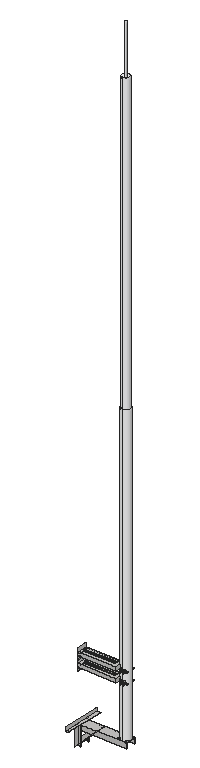
Revit family "FA_МолниеотводСекционныйЛегкаяСерия_СМСПс_EZETEK", category Системы пожарной сигнализации, Revit 2017
Family settings
  Сохранять ориентацию аннотаций = Нет
  Размер круглого соединителя = Использовать радиус
  Тип детали = Нормальный
  На основе рабочей плоскости = Нет
  Всегда вертикально = Да
  При загрузке вырезать с полостями = Нет
  Общий = Нет
  Точка расчета площади = Нет
Parameters (values of type "МолниеотводСекционный_СМСПс-6.5/2_82122")
  Угол = 90.00°  # constant formula
  Секция 3 = no
  Секция 2 = yes
  Производитель_Контакты = "ezetek@ezetek.ru"  # constant formula
  Описание = "Молниеотвод с мачтой серии СМС высотой 6 метров. Диаметр нижней секции - 75 мм, верхней - 60 мм. На верхней секции расположен молниеприемник 0,5 м диаметром 16 мм. \r\n\r\nМачта молниеотвода  выполнена из труб алюминиевого сплава и дополнительно имеет защитное полимерное покрытие.\r\n\r\nМолниеотвод устанавливается на кронштейны, которые входят в комплект поставки. В конструкции предусмотрен зажим для подключения заземлителя - полосы шириной до 40 мм или прутка."
  Количество секций = 2
  Использовать масштаб аннотаций [instance] = 1 = 0  # 0
  Изготовитель = "Ezetek"  # constant formula
  Диаметр_3 секция = if(Количество секций = 2, 16 mm, 60 mm)  # 16 mm
  Диаметр_2 секция = 75 mm
  Диаметр_1 секция = 90 mm
  Группа модели = "Мачты на кронштейнах"  # constant formula
  Высота_Секция = if(Количество секций = 2, ADSK_Размер_Высота / 2, ADSK_Размер_Высота / 3)  # 3000 mm
  Высота_Молниеприемник = 500 mm  # constant formula
  Высота_3 секция = if(Количество секций = 2, 500 mm, Высота_Секция)  # 500 mm
  Высота_Кронштейны = 0.1 * (ADSK_Размер_Высота + Высота_Молниеприемник)  # 650 mm
  URL = "https://ezetek.ru/"
  ADSK_Этаж [instance] = ""
  ADSK_Размер_Высота = 6000 mm
  ADSK_Примечание [instance] = ""
  ADSK_Позиция [instance] = ""
  ADSK_Обозначение = "82122"
  ADSK_Наименование краткое [instance] = "Молниеотвод"
  ADSK_Наименование = "Молниеотвод стеновой СМСПс-6.5/2"
  ADSK_Материал = BIMLIB_Алюминий_EZETEK
  ADSK_Масса_Текст = "20.5"
  ADSK_Масса = 20.5
  ADSK_Марка = "82122"
  ADSK_Количество = 1  # constant formula
  ADSK_Код изделия = "82122"
  ADSK_Завод-изготовитель = "Ezetek"  # constant formula
  ADSK_Единица измерения = "шт."  # constant formula
  ADSK_Группирование [instance] = ""
  ADSK_Версия Revit = "2017"  # constant formula
Types (8, lengths in mm): name | Секция 3 | Описание | Количество секций | Диаметр_3 секция | Высота_Секция | Высота_3 секция | Высота_Кронштейны | ADSK_Размер_Высота | ADSK_Обозначение | ADSK_Наименование | ADSK_Масса_Текст | ADSK_Масса | ADSK_Марка | ADSK_Код изделия
  МолниеотводСекционный_СМСПс-6.5/2_82122 | no | "Молниеотвод с мачтой серии СМС высотой 6 метров. Диаметр нижней секции - 75 мм, верхней - 60 мм. На верхней секции расположен молниеприемник 0,5 м диаметром 16 мм. \r\n\r\nМачта молниеотвода  выполнена из труб алюминиевого сплава и дополнительно имеет защитное полимерное покрытие.\r\n\r\nМолниеотвод устанавливается на кронштейны, которые входят в комплект поставки. В конструкции предусмотрен зажим для подключения заземлителя - полосы шириной до 40 мм или прутка." | 2 | 16 | 3000 | 500 | 650 | 6000 | "82122" | "Молниеотвод стеновой СМСПс-6.5/2" | "20.5" | 20.5 | "82122" | "82122"
  МолниеотводСекционный_СМСПс-7.5/2_82132 | no | "Молниеотвод с мачтой серии СМС высотой 7 метров.  Диаметр нижней секции - 75 мм, верхней - 60 мм. На верхней секции расположен молниеприемник 0,5 м диаметром 16 мм. \r\n\r\nМачта молниеотвода  выполнена из труб алюминиевого сплава и дополнительно имеет защитное полимерное покрытие.\r\n\r\nМолниеотвод устанавливается на кронштейны, которые входят в комплект поставки. В конструкции предусмотрен зажим для подключения заземлителя - полосы шириной до 40 мм или прутка." | 2 | 16 | 3500 | 500 | 750 | 7000 | "82132" | "Молниеотвод стеновой СМСПс-7.5/2" | "25.3" | 25.3 | "82132" | "82132"
  МолниеотводСекционный_СМСПс-8.5/3_82142 | yes | "Молниеотвод с мачтой серии СМС высотой 8 метров. Диаметр нижней секции - 90 мм, средней - 75 мм, верхней - 60 мм. На верхней секции расположен молниеприемник 0.5 м диаметром 16 мм. \r\n\r\nМачта молниеотвода  выполнена из труб алюминиевого сплава и дополнительно имеет защитное полимерное покрытие.\r\n\r\nМолниеотвод устанавливается на кронштейны, которые входят в комплект поставки. В конструкции предусмотрен зажим для подключения заземлителя - полосы шириной до 40 мм или прутка." | 3 | 60 | 2666.667 | 2666.667 | 850 | 8000 | "82142" | "Молниеотвод стеновой СМСПс-7.5/2" | "29.7" | 29.7 | "82142" | "82142"
  МолниеотводСекционный_СМСПс-10,5/3_82162 | yes | "Молниеотвод с мачтой серии СМС высотой 10 метров  Диаметр нижней секции - 90 мм, средней - 75 мм, верхней - 60 мм. На верхней секции расположен молниеприемник 0.5 м диаметром 16 мм. \r\n\r\nМачта молниеотвода  выполнена из труб алюминиевого сплава и дополнительно имеет защитное полимерное покрытие.\r\n\r\nМолниеотвод устанавливается на кронштейны, которые входят в комплект поставки. В конструкции предусмотрен зажим для подключения заземлителя - полосы шириной до 40 мм или прутка." | 3 | 60 | 3333.333 | 3333.333 | 1050 | 10000 | "82162" | "Молниеотвод стеновой СМСПс-10,5/3" | "38.0" | 38 | "82162" | "82162"
  МолниеотводСекционный_СМСПс-11,5/3_82172 | yes | "Молниеотвод с мачтой серии СМС высотой 11 метров.  Диаметр нижней секции - 90 мм, средней - 75 мм, верхней - 60 мм. На верхней секции расположен молниеприемник 0.5 м диаметром 16 мм. \r\n\r\nМачта молниеотвода  выполнена из труб алюминиевого сплава и дополнительно имеет защитное полимерное покрытие.\r\n\r\nМолниеотвод устанавливается на кронштейны, которые входят в комплект поставки. В конструкции предусмотрен зажим для подключения заземлителя - полосы шириной до 40 мм или прутка." | 3 | 60 | 3666.667 | 3666.667 | 1150 | 11000 | "82172" | "Молниеотвод стеновой СМСПс-11,5/3" | "45.0" | 45 | "82172" | "82172"
  МолниеотводСекционный_СМСПс-12,5/3_82182 | yes | "Молниеотвод с мачтой серии СМС высотой 12 метров.  Диаметр нижней секции - 90 мм, средней - 75 мм, верхней - 60 мм. На верхней секции расположен молниеприемник 0.5 м диаметром 16 мм. \r\n\r\nМачта молниеотвода  выполнена из труб алюминиевого сплава и дополнительно имеет защитное полимерное покрытие.\r\n\r\nМолниеотвод устанавливается на кронштейны, которые входят в комплект поставки. В конструкции предусмотрен зажим для подключения заземлителя - полосы шириной до 40 мм или прутка." | 3 | 60 | 4000 | 4000 | 1250 | 12000 | "82182" | "Молниеотвод стеновой СМСПс-12,5/3" | "49.0" | 49 | "82182" | "82182"
  МолниеотводСекционный_СМСПс-13,5/3_82192 | yes | "Молниеотвод с мачтой серии СМС высотой 13 метров. Диаметр нижней секции - 90 мм, средней - 75 мм, верхней - 60 мм. На верхней секции расположен молниеприемник 0.5 м диаметром 16 мм. \r\n\r\nМачта молниеотвода  выполнена из труб алюминиевого сплава и дополнительно имеет защитное полимерное покрытие.\r\n\r\nМолниеотвод устанавливается на кронштейны, которые входят в комплект поставки. В конструкции предусмотрен зажим для подключения заземлителя - полосы шириной до 40 мм или прутка." | 3 | 60 | 4333.333 | 4333.333 | 1350 | 13000 | "82192" | "Молниеотвод стеновой СМСПс-13,5/3" | "53.0" | 53 | "82192" | "82192"
  МолниеотводСекционный_СМСПс-9.5/3_82152 | yes | "Молниеотвод с мачтой серии СМС высотой 9 метров. Диаметр нижней секции - 90 мм, средней - 75 мм, верхней - 60 мм. На верхней секции расположен молниеприемник 0.5 м диаметром 16 мм. \r\n\r\nМачта молниеотвода  выполнена из труб алюминиевого сплава и дополнительно имеет защитное полимерное покрытие.\r\n\r\nМолниеотвод устанавливается на кронштейны, которые входят в комплект поставки. В конструкции предусмотрен зажим для подключения заземлителя - полосы шириной до 40 мм или прутка." | 3 | 60 | 3000 | 3000 | 950 | 9000 | "82152" | "Молниеотвод стеновой СМСПс-7.5/2" | "33.0" | 33 | "82152" | "82152"
Reference planes
  plane 1 "По центру (Вперед/Назад)": y = 0
  plane 2: z = 0
  plane 3 "По центру (Влево/Вправо)": x = 0
  plane 4: z = 3000
  plane 5: z = 6000
  plane 6: z = 7000
  plane 7: z = 6500
  plane 8: x = -450
  plane 9: z = 650
  plane 10: z = 614.711
  plane 11: z = 544.711
Forms (mm)
  Extrusion 1, solid, material "BIMLIB_Алюминий_EZETEK" <- "ADSK_Материал", detail levels medium+fine
    sketch origin (0, 92.681, -35) x (0, 1, 0) y (-1, 0, 0)
      loop
        circle (-92.681, 0) r 45
    from 3035 to 35
  Extrusion 2, solid, material "BIMLIB_Алюминий_EZETEK" <- "ADSK_Материал", visible <- "Секция 2", detail levels medium+fine
    sketch origin (0, 92.681, -35) x (0, 1, 0) y (-1, 0, 0)
      loop
        circle (-92.681, 0) r 37.5
    from 6035 to 3035
  Extrusion 3, solid, material "BIMLIB_Алюминий_EZETEK" <- "ADSK_Материал", detail levels medium+fine
    sketch origin (0, 92.681, -35) x (0, 1, 0) y (-1, 0, 0)
      loop
        circle (-92.681, 0) r 8
    from 6535 to 6035
  Extrusion 4, solid, material "BIMLIB_Алюминий_EZETEK" <- "ADSK_Материал", visible <- "Секция 3", detail levels fine
    sketch origin (0, 92.681, -35) x (0, 1, 0) y (-1, 0, 0)
      loop
        circle (-92.681, 0) r 8
    from 7035 to 6535
Lines and regions (mm)
  reference lines
    curve 1: circle (0, 0, 0) r 45 normal (0, 0, 1)
    curve 2: circle (0, 0, 0) r 37.5 normal (0, 0, 1)
    curve 3: circle (0, 0, 0) r 8 normal (0, 0, 1)
Dimensions and locks
  "Высота_Секция": plane 4 to plane 2
  "Высота_Секция": plane 5 to plane 4
  plane 6 to plane 2 = 7000 mm
  plane 7 to plane 2 = 6500 mm
  "Высота_3 секция": plane 7 to plane 5
  "Высота_Молниеприемник": plane 6 to plane 7
  nested 2 to nested 2 = 450.203 mm
  locked: plane 8 to plane 3 "По центру (Влево/Вправо)" at 450
  locked: plane 10 to plane 11 at 70
  "Высота_Кронштейны": plane 9 to plane 2
  locked: plane 9 to plane 10 at 35.289
  "Диаметр_2 секция": diameter of curve 2
  "Диаметр_1 секция": diameter of curve 1
  "Диаметр_3 секция": diameter of curve 3
  aligned and locked: level to plane 2
  aligned and locked: plane 3 "По центру (Влево/Вправо)" to curve 1
  aligned and locked: plane 1 "По центру (Вперед/Назад)" to curve 1
  aligned and locked: plane 3 "По центру (Влево/Вправо)" to curve 2
  aligned and locked: plane 1 "По центру (Вперед/Назад)" to curve 2
  aligned and locked: Extrusion 1 sketch curve to curve 1
  aligned and locked: Extrusion 1 to plane 4
  aligned and locked: Extrusion 1 to plane 2
  aligned and locked: Extrusion 2 sketch curve to curve 2
  aligned and locked: Extrusion 2 to plane 5
  aligned and locked: plane 4 to Extrusion 2
  aligned and locked: Extrusion 3 sketch curve to curve 3
  aligned and locked: plane 5 to Extrusion 3
  aligned and locked: Extrusion 3 to plane 7
  aligned and locked: Extrusion 4 to plane 6
  aligned and locked: plane 7 to Extrusion 4
  aligned and locked: nested 2 to plane 8
  aligned and locked: nested 2 to plane 1 "По центру (Вперед/Назад)"
  aligned and locked: plane 3 "По центру (Влево/Вправо)" to nested 1
  aligned and locked: nested 1 to plane 1 "По центру (Вперед/Назад)"
  aligned and locked: plane 2 to nested 2
  aligned and locked: nested 1 to plane 9
  aligned and locked: plane 10 to nested 1
  aligned and locked: nested 3 to plane 11
  aligned and locked: nested 3 to plane 8
  aligned and locked: nested 1 to plane 8
Automatic sketch dimensions
  curve 1 to curve 3 = 0 mm  (x2)
Nested families
  nested 1: "NOSHD_КронштейнСтеновойУдерживающийДляМачт_EZETEK" at (0, 0, 632.356) x (0, 1, 0) z (0, 0, 1), type "КронштейнСтеновойУдерживающийДляМачт_EZETEK", detail levels medium+fine
  nested 2: "NOSHD_КронштейнСтеновойОпорныйДляМачт_EZETEK" at (0.203, 0, 0) x (0, 1, 0) z (0, 0, 1), type "КронштейнСтеновойОпорныйДляМачт_EZETEK", detail levels medium+fine
  nested 3: "NOSHD_КронштейнСтеновойУдерживающийДляМачт_EZETEK" at (0, 0, 527.067) x (0, 1, 0) z (0, 0, 1), type "КронштейнСтеновойУдерживающийДляМачт_EZETEK", detail levels medium+fine
Definition of nested family "NOSHD_КронштейнСтеновойУдерживающийДляМачт_EZETEK"
  Parameters (values of type "КронштейнСтеновойУдерживающийДляМачт_EZETEK")
    Description = "Удерживающий стеновой кронштейн из стали позволяет закрепить на расстоянии 450 мм от вертикальной поверхности облегченную мачту серии СМЛ с наружным диаметром 50 мм. Суммарная высота мачты с молниеприемником не должна превышать 10.1 метра. При монтаже данный удерживающий кронштейн применяется в паре с опорным кронштейном облегченной конструкции."  # constant formula
    Manufacturer = "Ezetek"  # constant formula
    URL = "https://ezetek.ru/"
  Reference planes
    plane 1 "По центру (Вперед/Назад)": y = 0
    plane 2: z = 0
    plane 3 "По центру (Влево/Вправо)": x = 0
    plane 4: x = -40
    plane 5: x = 40
    plane 6: z = -17.644
    plane 7: z = 17.644
    plane 8: x = -50
    plane 9: x = 50
    plane 10: y = -36.141
    plane 11: y = 38.859
    plane 12: y = 450
    plane 13: z = -52.644
    plane 14: z = 52.644
    plane 15: z = -36.394
    plane 16: z = 36.394
    plane 17: x = -33.75
    plane 18: x = 33.75
    plane 19: y = 415
    plane 20: y = 58.859
  Forms (mm)
    Extrusion 1, solid, detail levels fine
      sketch origin (0, 38.859, 0) x (1, 0, 0) y (0, 1, 0)
        loop
          arc (-15.539, -11.771) -> (-16.534, -14.834) -> (-18.852, -17.072) r 6.658
          line (-18.852, -17.072) -> (-28.107, -22.416)
          arc (-28.107, -22.416) -> (-29.648, -23.054) -> (-31.302, -23.272) r 6.391
          line (-31.302, -23.272) -> (-50, -23.272) -> (-50, -25.272) -> (-30.975, -25.272)
          arc (-30.975, -25.272) -> (-29.119, -25.027) -> (-27.39, -24.311) r 7.17
          line (-27.39, -24.311) -> (-17.555, -18.633)
          arc (-17.555, -18.633) -> (-14.766, -15.94) -> (-13.568, -12.252) r 8.013
          line (-13.568, -12.252) -> (-13.021, -4.428)
          arc (-13.021, -4.428) -> (-12.197, -2.701) -> (-10.417, -2) r 2.61
          line (-10.417, -2) -> (10.417, -2)
          arc (10.417, -2) -> (12.197, -2.701) -> (13.021, -4.428) r 2.61
          line (13.021, -4.428) -> (13.568, -12.252)
          arc (13.568, -12.252) -> (14.766, -15.94) -> (17.555, -18.633) r 8.013
          line (17.555, -18.633) -> (27.39, -24.311)
          arc (27.39, -24.311) -> (29.119, -25.027) -> (30.975, -25.272) r 7.17
          line (30.975, -25.272) -> (50, -25.272) -> (50, -23.272) -> (31.302, -23.272)
          arc (31.302, -23.272) -> (29.648, -23.054) -> (28.107, -22.416) r 6.391
          line (28.107, -22.416) -> (18.852, -17.072)
          arc (18.852, -17.072) -> (16.534, -14.834) -> (15.539, -11.771) r 6.658
          line (15.539, -11.771) -> (14.988, -3.887)
          arc (14.988, -3.887) -> (13.669, -1.123) -> (10.819, 0) r 4.179
          line (10.819, 0) -> (-10.819, 0)
          arc (-10.819, 0) -> (-13.669, -1.123) -> (-14.988, -3.887) r 4.179
          line (-14.988, -3.887) -> (-15.539, -11.771)
      from 20 to -20
    Extrusion 2, solid, detail levels fine
      sketch origin (11.462, -8.866, 0) x (1, 0, 0) y (0, 0, 1)
        loop
          circle (-51.462, 0) r 4
        loop
          circle (28.538, 0) r 4
      from 40.275 to -22.454
    Extrusion 3, solid, detail levels fine
      sketch origin (11.462, -12.897, 0) x (1, 0, 0) y (0, 0, 1)
        loop
          line (-54.926, 6) -> (-58.39, 0) -> (-54.926, -6) -> (-47.998, -6) -> (-44.534, 0) -> (-47.998, 6) -> (-54.926, 6)
      from -28.485 to -33.5
    Extrusion 4, solid, detail levels fine
      sketch origin (-11.462, -12.897, 0) x (-1, 0, 0) y (0, 0, -1)
        loop
          line (-54.926, -6) -> (-47.998, -6) -> (-44.534, 0) -> (-47.998, 6) -> (-54.926, 6) -> (-58.39, 0) -> (-54.926, -6)
      from -28.485 to -33.5
    Extrusion 5, solid, detail levels fine
      sketch origin (11.462, -55.072, 0) x (1, 0, 0) y (0, 0, 1)
        loop
          line (-54.926, 6) -> (-58.39, 0) -> (-54.926, -6) -> (-47.998, -6) -> (-44.534, 0) -> (-47.998, 6) -> (-54.926, 6)
      from -28.485 to -33.5
    Extrusion 6, solid, detail levels fine
      sketch origin (-11.462, -55.072, 0) x (-1, 0, 0) y (0, 0, -1)
        loop
          line (-54.926, -6) -> (-47.998, -6) -> (-44.534, 0) -> (-47.998, 6) -> (-54.926, 6) -> (-58.39, 0) -> (-54.926, -6)
      from -28.485 to -33.5
    Extrusion 7, solid, detail levels fine
      sketch origin (51.462, 3.359, 0) x (1, 0, 0) y (0, 0, 1)
        loop
          line (-54.926, 6) -> (-58.39, 0) -> (-54.926, -6) -> (-47.998, -6) -> (-44.534, 0) -> (-47.998, 6) -> (-54.926, 6)
      from -28.485 to -33.5
    Extrusion 8, solid, detail levels fine
      sketch origin (0, 8, 0) x (1, 0, 0) y (0, 1, 0)
        loop
          arc (-25.16, -28.485) -> (-23.41, -28.801) -> (-21.883, -29.71) r 4.995
          line (-21.883, -29.71) -> (-6.202, -43.341)
          arc (-6.202, -43.341) -> (-5.205, -43.934) -> (-4.063, -44.141) r 3.26
          line (-4.063, -44.141) -> (4.063, -44.141)
          arc (4.063, -44.141) -> (5.205, -43.934) -> (6.202, -43.341) r 3.26
          line (6.202, -43.341) -> (21.883, -29.71)
          arc (21.883, -29.71) -> (23.41, -28.801) -> (25.16, -28.485) r 4.995
          line (25.16, -28.485) -> (50, -28.485) -> (50, -26.485) -> (25.29, -26.485)
          arc (25.29, -26.485) -> (22.718, -26.95) -> (20.473, -28.286) r 7.342
          line (20.473, -28.286) -> (5.331, -41.448)
          arc (5.331, -41.448) -> (4.468, -41.962) -> (3.479, -42.141) r 2.824
          line (3.479, -42.141) -> (-3.479, -42.141)
          arc (-3.479, -42.141) -> (-4.468, -41.962) -> (-5.331, -41.448) r 2.824
          line (-5.331, -41.448) -> (-20.473, -28.286)
          arc (-20.473, -28.286) -> (-22.718, -26.95) -> (-25.29, -26.485) r 7.342
          line (-25.29, -26.485) -> (-50, -26.485) -> (-50, -28.485) -> (-25.16, -28.485)
      from 20 to -20
    Extrusion 9, solid, detail levels fine
      sketch origin (0, 0, 0) x (0, 1, 0) y (0, 0, 1)
        loop
          arc (450, 52.644) -> (448.586, 52.059) -> (448, 50.644) r 2
          line (448, 50.644) -> (448, 19.644) -> (417, 19.644)
          arc (417, 19.644) -> (415.586, 19.059) -> (415, 17.644) r 2
          line (415, 17.644) -> (450, 17.644) -> (450, 52.644)
        loop
          line (450, -52.644) -> (450, -17.644) -> (415, -17.644)
          arc (415, -17.644) -> (415.586, -19.059) -> (417, -19.644) r 2
          line (417, -19.644) -> (448, -19.644) -> (448, -50.644)
          arc (448, -50.644) -> (448.586, -52.059) -> (450, -52.644) r 2
      from 50 to -50
    Sweep 10, solid, detail levels fine
      path origin (0, 0, 0) x (1, 0, 0) y (0, 1, 0)
        loop
          line (-50, 450) -> (-50, 58.859) -> (50, 58.859) -> (50, 450)
      profile origin (-50, 254.43, 0) x (1, 0, 0) y (0, 0, 1)
        loop
          line (0, -17.644) -> (2, -17.644) -> (2, 15.644) -> (35, 15.644) -> (35, 17.644) -> (0, 17.644) -> (0, -17.644)
    Extrusion 11, solid, detail levels fine
      sketch origin (11.462, 0, 0) x (1, 0, 0) y (0, 0, 1)
        loop
          circle (-11.462, 0) r 4
      from -43.875 to -53.844
    Extrusion 12, solid, detail levels fine
      sketch origin (51.462, 72.359, 0) x (1, 0, 0) y (0, 0, -1)
        loop
          line (-54.926, -6) -> (-47.998, -6) -> (-44.534, 0) -> (-47.998, 6) -> (-54.926, 6) -> (-58.39, 0) -> (-54.926, -6)
      from -28.485 to -33.5
    Extrusion 13, solid, detail levels fine
      sketch origin (51.462, 87.344, 0) x (1, 0, 0) y (0, 0, -1)
        loop
          line (-54.926, -6) -> (-47.998, -6) -> (-44.534, 0) -> (-47.998, 6) -> (-54.926, 6) -> (-58.39, 0) -> (-54.926, -6)
      from -28.485 to -33.5
    Extrusion 14, void, detail levels fine
      sketch origin (11.462, 0, 0) x (-1, 0, 0) y (0, 0, 1)
        loop
          circle (45.212, -36.394) r 4.5
        loop
          circle (-22.288, -36.394) r 4.5
        loop
          circle (45.212, 36.394) r 4.5
        loop
          circle (-22.288, 36.394) r 4.5
      from 450 to 448
  Cuts and joins
    Extrusion 14 cuts Extrusion 9
  Lines and regions (mm)
    symbolic lines
      curve 1: circle (0, 0, 0) r 25 normal (0, 0, 1)
  Dimensions and locks
    equal spacing: plane 7, plane 2, plane 6
    plane 7 to plane 2 = 17.644 mm
    equal spacing: plane 8, plane 3 "По центру (Влево/Вправо)", plane 9
    equal spacing: plane 4, plane 3 "По центру (Влево/Вправо)", plane 5
    locked: plane 4 to plane 3 "По центру (Влево/Вправо)" at 40
    locked: plane 8 to plane 3 "По центру (Влево/Вправо)" at 50
    locked: plane 10 to plane 11 at 75
    locked: Extrusion 2 to plane 12 at 499.141
    plane 9 to plane 8 = 100 mm
    equal spacing: plane 14, plane 2, plane 13
    locked: plane 14 to plane 13 at 105.289
    equal spacing: plane 16, plane 2, plane 15
    locked: plane 16 to plane 15 at 72.789
    equal spacing: plane 18, plane 3 "По центру (Влево/Вправо)", plane 17
    locked: plane 18 to plane 17 at 67.5
    plane 1 "По центру (Вперед/Назад)" to plane 12 = 450 mm
    plane 13 to plane 14 = 105.289 mm
    locked: plane 12 to plane 19 at 35
    locked: plane 12 to Extrusion 9 sketch curve at 2  (x2)
    locked: Extrusion 9 sketch curve to plane 7 at 2
    locked: plane 6 to Extrusion 9 sketch curve at 2
    locked: plane 7 to Sweep 10 sketch curve at 2
    plane 7 to plane 6 = 35.289 mm
    plane 13 to plane 6 to plane 7 to plane 14 = 35 mm, 35.289 mm, 35 mm
    locked: Sweep 10 sketch curve to plane 8 at 2
    plane 11 to Sweep 10 sketch curve = 20 mm
    locked: plane 11 to plane 20 at 20
    diameter of Extrusion 14 sketch curve = 9 mm  (x2)
    aligned and locked: level to plane 2
    aligned and locked: Extrusion 9 sketch curve to plane 7
    aligned and locked: Extrusion 9 sketch curve to plane 6
    aligned and locked: plane 12 to Extrusion 9 sketch curve
    aligned and locked: Extrusion 9 sketch curve to plane 12
    aligned and locked: plane 9 to Extrusion 9
    aligned and locked: Extrusion 9 to plane 8
    aligned and locked: Sweep 10 sketch curve to plane 8
    aligned and locked: plane 9 to Sweep 10 sketch curve
    aligned and locked: plane 8 to Sweep 10 sketch curve
    aligned and locked: Sweep 10 sketch curve to plane 7
    aligned and locked: Sweep 10 sketch curve to plane 6
    aligned and locked: plane 20 to Sweep 10
    aligned and locked: plane 11 to Extrusion 12
    aligned and locked: Extrusion 11 to Extrusion 12
    aligned and locked: Extrusion 11 to Extrusion 13
    aligned and locked: Extrusion 13 to plane 20
    aligned and locked: plane 17 to Extrusion 14 sketch curve  (x2)
    aligned and locked: plane 15 to Extrusion 14 sketch curve  (x2)
    aligned and locked: plane 18 to Extrusion 14 sketch curve  (x2)
    aligned and locked: plane 16 to Extrusion 14 sketch curve  (x2)
    aligned and locked: Extrusion 14 to plane 12
    aligned and locked: Extrusion 9 to Extrusion 14
  Automatic sketch dimensions
    plane 1 "По центру (Вперед/Назад)" to curve 1 = 0 mm
    curve 1 to plane 3 "По центру (Влево/Вправо)" = 0 mm
    Extrusion 1 sketch curve to plane 8 = 0 mm
    plane 11 to Extrusion 1 sketch curve = 0 mm
    Extrusion 1 sketch curve to plane 9 = 0 mm
    plane 17 to Extrusion 1 sketch curve = 2.448 mm
    Extrusion 1 sketch curve to Extrusion 1 sketch curve = 0.327 mm  (x2)
    Extrusion 1 sketch curve to Extrusion 1 sketch curve = 3.195 mm
    Extrusion 1 sketch curve to Extrusion 1 sketch curve = 0.717 mm  (x2)
    Extrusion 1 sketch curve to Extrusion 1 sketch curve = 9.121 mm
    Extrusion 1 sketch curve to Extrusion 1 sketch curve = 0.619 mm  (x2)
    Extrusion 1 sketch curve to Extrusion 1 sketch curve = 2.71 mm
    Extrusion 1 sketch curve to Extrusion 1 sketch curve = 1.297 mm  (x2)
    Extrusion 1 sketch curve to Extrusion 1 sketch curve = 6.022 mm  (x2)
    plane 11 to Extrusion 1 sketch curve = 3.887 mm  (x2)
    Extrusion 1 sketch curve to Extrusion 1 sketch curve = 0.551 mm
    Extrusion 1 sketch curve to Extrusion 1 sketch curve = 1.971 mm  (x2)
    plane 11 to Extrusion 1 sketch curve = 4.428 mm  (x2)
    Extrusion 1 sketch curve to Extrusion 1 sketch curve = 1.967 mm  (x2)
    Extrusion 1 sketch curve to Extrusion 1 sketch curve = 2.202 mm  (x2)
    Extrusion 1 sketch curve to Extrusion 1 sketch curve = 0.402 mm  (x2)
    plane 11 to Extrusion 1 sketch curve = 4.61 mm
    plane 3 "По центру (Влево/Вправо)" to Extrusion 1 sketch curve = 10.417 mm
    Extrusion 1 sketch curve to Extrusion 1 sketch curve = 0.547 mm
    Extrusion 1 sketch curve to Extrusion 1 sketch curve = 2.016 mm
    plane 18 to Extrusion 1 sketch curve = 6.36 mm
    plane 18 to Extrusion 1 sketch curve = 2.775 mm
    Extrusion 1 sketch curve to Extrusion 1 sketch curve = 7.419 mm  (x2)
    Extrusion 1 sketch curve to Extrusion 1 sketch curve = 0.387 mm  (x2)
    Extrusion 1 sketch curve to Extrusion 1 sketch curve = 0.077 mm  (x2)
    Extrusion 1 sketch curve to Extrusion 1 sketch curve = 0.482 mm  (x2)
    Extrusion 1 sketch curve to Extrusion 1 sketch curve = 5.575 mm  (x2)
    Extrusion 1 sketch curve to Extrusion 1 sketch curve = 1.221 mm  (x2)
    Extrusion 1 sketch curve to Extrusion 1 sketch curve = 4.314 mm  (x2)
    Extrusion 1 sketch curve to Extrusion 1 sketch curve = 1.896 mm  (x2)
    Extrusion 2 sketch curve to level = 0 mm  (x2)
    Extrusion 2 sketch curve to plane 4 = 0 mm
    plane 5 to Extrusion 2 sketch curve = 0 mm
    Extrusion 3 sketch curve to level = 0 mm  (x2)
    plane 8 to Extrusion 3 sketch curve = 3.072 mm
    Extrusion 3 sketch curve to plane 4 = 3.464 mm  (x2)
    Extrusion 3 sketch curve to plane 17 = 2.786 mm  (x2)
    plane 17 to Extrusion 3 sketch curve = 0.678 mm
    Extrusion 3 sketch curve to level = 6 mm
    level to Extrusion 3 sketch curve = 6 mm
    Extrusion 4 sketch curve to level = 0 mm  (x2)
    Extrusion 4 sketch curve to plane 9 = 3.072 mm
    Extrusion 4 sketch curve to plane 5 = 3.464 mm  (x2)
    Extrusion 4 sketch curve to plane 18 = 2.786 mm  (x2)
    plane 18 to Extrusion 4 sketch curve = 0.678 mm
    level to Extrusion 4 sketch curve = 6 mm
    Extrusion 4 sketch curve to level = 6 mm
    Extrusion 5 sketch curve to level = 0 mm  (x2)
    plane 8 to Extrusion 5 sketch curve = 3.072 mm
    Extrusion 5 sketch curve to plane 4 = 3.464 mm  (x2)
    Extrusion 5 sketch curve to plane 17 = 2.786 mm  (x2)
    plane 17 to Extrusion 5 sketch curve = 0.678 mm
    Extrusion 5 sketch curve to level = 6 mm
    level to Extrusion 5 sketch curve = 6 mm
    Extrusion 6 sketch curve to level = 0 mm  (x2)
    Extrusion 6 sketch curve to plane 9 = 3.072 mm
    Extrusion 6 sketch curve to plane 5 = 3.464 mm  (x2)
    Extrusion 6 sketch curve to plane 18 = 2.786 mm  (x2)
    plane 18 to Extrusion 6 sketch curve = 0.678 mm
    level to Extrusion 6 sketch curve = 6 mm
    Extrusion 6 sketch curve to level = 6 mm
    Extrusion 7 sketch curve to level = 0 mm  (x2)
    Extrusion 7 sketch curve to plane 3 "По центру (Влево/Вправо)" = 6.928 mm
    Extrusion 7 sketch curve to plane 3 "По центру (Влево/Вправо)" = 3.464 mm  (x2)
    plane 3 "По центру (Влево/Вправо)" to Extrusion 7 sketch curve = 3.464 mm  (x2)
    Extrusion 7 sketch curve to Extrusion 7 sketch curve = 3.464 mm
    Extrusion 7 sketch curve to level = 6 mm
    level to Extrusion 7 sketch curve = 6 mm
    Extrusion 8 sketch curve to plane 8 = 0 mm
    plane 10 to Extrusion 8 sketch curve = 0 mm
    Extrusion 8 sketch curve to plane 9 = 0 mm
    Extrusion 8 sketch curve to plane 17 = 8.46 mm
    Extrusion 8 sketch curve to Extrusion 8 sketch curve = 0.13 mm  (x2)
    Extrusion 8 sketch curve to Extrusion 8 sketch curve = 3.277 mm  (x2)
    Extrusion 8 sketch curve to Extrusion 8 sketch curve = 1.41 mm  (x2)
    plane 10 to Extrusion 8 sketch curve = 0.8 mm  (x2)
    plane 3 "По центру (Влево/Вправо)" to Extrusion 8 sketch curve = 6.202 mm
    plane 10 to Extrusion 8 sketch curve = 2.693 mm  (x2)
    Extrusion 8 sketch curve to Extrusion 8 sketch curve = 0.871 mm  (x2)
    Extrusion 8 sketch curve to Extrusion 8 sketch curve = 2.139 mm
    Extrusion 8 sketch curve to Extrusion 8 sketch curve = 0.585 mm  (x2)
    Extrusion 8 sketch curve to plane 3 "По центру (Влево/Вправо)" = 3.479 mm
    Extrusion 8 sketch curve to Extrusion 8 sketch curve = 1.268 mm
    Extrusion 8 sketch curve to plane 18 = 13.277 mm
    Extrusion 8 sketch curve to Extrusion 8 sketch curve = 1.564 mm
    plane 10 to Extrusion 8 sketch curve = 10.313 mm  (x2)
    Extrusion 8 sketch curve to Extrusion 8 sketch curve = 0.348 mm  (x2)
    Extrusion 8 sketch curve to Extrusion 8 sketch curve = 3.77 mm  (x2)
    Extrusion 8 sketch curve to Extrusion 8 sketch curve = 1.424 mm  (x2)
    Extrusion 9 sketch curve to plane 19 = 0 mm  (x2)
    Extrusion 9 sketch curve to plane 13 = 0 mm
    plane 14 to Extrusion 9 sketch curve = 0 mm
    plane 12 to Sweep 10 sketch curve = 0 mm  (x2)
    Sweep 10 sketch curve to Sweep 10 sketch curve = 33 mm
    Extrusion 11 sketch curve to level = 0 mm
    Extrusion 11 sketch curve to plane 3 "По центру (Влево/Вправо)" = 0 mm
    Extrusion 12 sketch curve to level = 0 mm  (x2)
    Extrusion 12 sketch curve to plane 3 "По центру (Влево/Вправо)" = 6.928 mm
    Extrusion 12 sketch curve to plane 3 "По центру (Влево/Вправо)" = 3.464 mm  (x2)
    plane 3 "По центру (Влево/Вправо)" to Extrusion 12 sketch curve = 3.464 mm  (x2)
    plane 3 "По центру (Влево/Вправо)" to Extrusion 12 sketch curve = 6.928 mm
    level to Extrusion 12 sketch curve = 6 mm
    Extrusion 12 sketch curve to level = 6 mm
    Extrusion 13 sketch curve to level = 0 mm  (x2)
    Extrusion 13 sketch curve to plane 3 "По центру (Влево/Вправо)" = 6.928 mm
    Extrusion 13 sketch curve to plane 3 "По центру (Влево/Вправо)" = 3.464 mm  (x2)
    plane 3 "По центру (Влево/Вправо)" to Extrusion 13 sketch curve = 3.464 mm  (x2)
    plane 3 "По центру (Влево/Вправо)" to Extrusion 13 sketch curve = 6.928 mm
    level to Extrusion 13 sketch curve = 6 mm
    Extrusion 13 sketch curve to level = 6 mm
    radius of curve 1 = 25 mm
    radius of Extrusion 2 sketch curve = 4 mm  (x2)
    radius of Extrusion 11 sketch curve = 4 mm
    radius of Extrusion 14 sketch curve = 4.5 mm  (x2)
Definition of nested family "NOSHD_КронштейнСтеновойОпорныйДляМачт_EZETEK"
  Parameters (values of type "КронштейнСтеновойОпорныйДляМачт_EZETEK")
    Description = "Опорный стеновой кронштейн из стали позволяет закрепить на расстоянии 450 мм от вертикальной поверхности облегченную мачту серии СМЛ с наружным диаметром 50 мм и 75 мм.  При 50 мм - вставляется внутрь трубы кронштейна ∅60х3, а при 75 мм - ставится на трубу (труба кронштейна внутри). Суммарная высота мачты с молниеприемником не должна превышать 10.1 метра. При монтаже данный опорный кронштейн облегченной конструкции применяется в паре с удерживающим кронштейном. Для ветровых районов III-V рекомендуется установка двух удерживающих кронштейнов Арт. 75837."  # constant formula
    Manufacturer = "Ezetek"  # constant formula
    URL = "https://ezetek.ru/"
  Reference planes
    plane 1 "По центру (Вперед/Назад)": y = 0
    plane 2: z = 0
    plane 3 "По центру (Влево/Вправо)": x = 0
    plane 4: x = -50
    plane 5: x = 50
    plane 6: z = -17.644
    plane 7: z = 17.644
    plane 8: x = -197.813
    plane 9: x = 197.813
    plane 10: y = -49.797
    plane 11: y = 49.797
    plane 12: z = -52.644
    plane 13: z = 52.644
    plane 14: y = 450.203
    plane 15: z = -196.356
    plane 16: x = -184.063
    plane 17: x = -84.063
    plane 18: x = 84.063
    plane 19: x = 184.063
    plane 20: z = -182.356
    plane 21: z = -82.356
    plane 22: x = -68.968
    plane 23: x = 68.968
  Forms (mm)
    Extrusion 1, solid
      sketch origin (0, 0, 0) x (0, 1, 0) y (0, 0, 1)
        loop
          arc (450.203, 35) -> (448.789, 34.414) -> (448.203, 33) r 2
          line (448.203, 33) -> (448.203, 2) -> (417.203, 2)
          arc (417.203, 2) -> (415.789, 1.414) -> (415.203, 0) r 2
          line (415.203, 0) -> (450.203, 0) -> (450.203, 35)
      from 197.813 to -197.813
    Extrusion 2, solid
      sketch origin (0, 0, 0) x (1, 0, 0) y (0, 1, 0)
        loop
          circle (0, 0) r 30
        loop
          circle (0, 0) r 27
      from 52.644 to 2
    Extrusion 3, solid
      sketch origin (11.462, 0, 0) x (1, 0, 0) y (0, 0, 1)
        loop
          line (-61.462, 0) -> (-61.462, -50) -> (-59.462, -50) -> (-59.462, -2) -> (36.538, -2) -> (36.538, -50) -> (38.538, -50) -> (38.538, 0) -> (-61.462, 0)
      from 49.797 to -450.203
    Extrusion 4, solid
      sketch origin (0, 0, 0) x (1, 0, 0) y (0, 1, 0)
        loop
          arc (-45, 49.797) -> (-48.536, 48.332) -> (-50, 44.797) r 5
          line (-50, 44.797) -> (-50, -44.797)
          arc (-50, -44.797) -> (-48.536, -48.332) -> (-45, -49.797) r 5
          line (-45, -49.797) -> (45, -49.797)
          arc (45, -49.797) -> (48.536, -48.332) -> (50, -44.797) r 5
          line (50, -44.797) -> (50, 44.797)
          arc (50, 44.797) -> (48.536, 48.332) -> (45, 49.797) r 5
          line (45, 49.797) -> (-45, 49.797)
      from 2 to 0
    Extrusion 5, solid
      sketch origin (0, 0, 0) x (1, 0, 0) y (0, 1, 0)
        loop
          line (-50, 450.203) -> (-85, 450.203)
          arc (-85, 450.203) -> (-84.414, 448.789) -> (-83, 448.203) r 2
          line (-83, 448.203) -> (-52, 448.203) -> (-52, 417.203)
          arc (-52, 417.203) -> (-51.414, 415.789) -> (-50, 415.203) r 2
          line (-50, 415.203) -> (-50, 450.203)
        loop
          line (50, 450.203) -> (50, 415.203)
          arc (50, 415.203) -> (51.414, 415.789) -> (52, 417.203) r 2
          line (52, 417.203) -> (52, 448.203) -> (83, 448.203)
          arc (83, 448.203) -> (84.414, 448.789) -> (85, 450.203) r 2
          line (85, 450.203) -> (50, 450.203)
      from 0 to -196.356
    Extrusion 6, void, detail levels fine
      sketch origin (11.462, 0, 0) x (-1, 0, 0) y (0, 0, 1)
        loop
          circle (80.43, -182.356) r 4.5
        loop
          circle (-57.505, -182.356) r 4.5
        loop
          circle (195.525, 17.644) r 4.5
        loop
          circle (95.525, 17.644) r 4.5
        loop
          circle (-72.6, 17.644) r 4.5
        loop
          circle (-172.6, 17.644) r 4.5
        loop
          circle (80.43, -82.356) r 4.5
        loop
          circle (-57.505, -82.356) r 4.5
      from 450.203 to 448.203
    Sweep 7, solid
      path origin (0, 0, 0) x (0, 1, 0) y (0, 0, 1)
        loop
          line (450.203, -196.356) -> (255.848, -2)
      profile origin (0, 353.025, -99.178) x (0, -0.707107, -0.707107) y (1, 0, 0)
        loop
          line (0, -48) -> (0, -13)
          arc (0, -13) -> (-1.414, -13.586) -> (-2, -15) r 2
          line (-2, -15) -> (-2, -46) -> (-33, -46)
          arc (-33, -46) -> (-34.414, -46.586) -> (-35, -48) r 2
          line (-35, -48) -> (0, -48)
        loop
          line (0, 48) -> (-35, 48)
          arc (-35, 48) -> (-34.414, 46.586) -> (-33, 46) r 2
          line (-33, 46) -> (-2, 46) -> (-2, 15)
          arc (-2, 15) -> (-1.414, 13.586) -> (0, 13) r 2
          line (0, 13) -> (0, 48)
    Extrusion 8, solid
      sketch origin (0, 0, 0) x (1, 0, 0) y (0, 1, 0)
        loop
          line (-43.28, -33.549) -> (-46.744, -39.549) -> (-43.28, -45.549) -> (-36.352, -45.549) -> (-32.888, -39.549) -> (-36.352, -33.549) -> (-43.28, -33.549)
        loop
          line (43.28, -33.549) -> (36.352, -33.549) -> (32.888, -39.549) -> (36.352, -45.549) -> (43.28, -45.549) -> (46.744, -39.549) -> (43.28, -33.549)
        loop
          line (43.28, 33.549) -> (46.744, 39.549) -> (43.28, 45.549) -> (36.352, 45.549) -> (32.888, 39.549) -> (36.352, 33.549) -> (43.28, 33.549)
        loop
          line (-43.28, 33.549) -> (-36.352, 33.549) -> (-32.888, 39.549) -> (-36.352, 45.549) -> (-43.28, 45.549) -> (-46.744, 39.549) -> (-43.28, 33.549)
      from 7 to 2
    Extrusion 9, solid
      sketch origin (0, 0, 2) x (1, 0, 0) y (0, 1, 0)
        loop
          circle (-39.86, -39.549) r 4
        loop
          circle (39.86, -39.549) r 4
        loop
          circle (39.86, 39.549) r 4
        loop
          circle (-39.86, 39.549) r 4
      from 8.993 to 0
    Extrusion 10, void
      sketch origin (0, 0, 0) x (0, 1, 0) y (0, 0, 1)
        loop
          line (450.203, -196.356) -> (480.203, -196.356) -> (480.203, -141.356) -> (450.203, -141.356) -> (450.203, -196.356)
        loop
          line (308.203, 0) -> (308.203, 30) -> (248.203, 30) -> (248.203, 0) -> (308.203, 0)
      from 50 to -50
  Cuts and joins
    Extrusion 6, Extrusion 10 cuts Extrusion 1
    Extrusion 6, Extrusion 10 cuts Extrusion 5
    joined: Extrusion 1, Extrusion 5
    Extrusion 10 cuts Extrusion 3
    Extrusion 10 cuts Sweep 7
    joined: Extrusion 3, Sweep 7
  Lines and regions (mm)
    reference lines
      curve 1: line (0, 450.203, -196.356) -> (0, 253.848, 0)
  Dimensions and locks
    equal spacing: plane 10, plane 1 "По центру (Вперед/Назад)", plane 11
    locked: plane 10 to plane 11 at 99.594
    equal spacing: plane 4, plane 3 "По центру (Влево/Вправо)", plane 5
    locked: plane 4 to plane 5 at 100
    locked: Extrusion 3 sketch curve to plane 4 at 2
    locked: Extrusion 3 sketch curve to plane 5 at 2
    locked: plane 2 to Extrusion 3 sketch curve at 2
    locked: plane 10 to plane 14 at 500
    locked: plane 14 to Extrusion 1 sketch curve at 2
    locked: Extrusion 1 sketch curve to plane 2 at 2
    equal spacing: plane 9, plane 3 "По центру (Влево/Вправо)", plane 8
    plane 9 to plane 8 = 395.625 mm
    locked: plane 15 to plane 13 at 249
    locked: plane 14 to plane 1 "По центру (Вперед/Назад)" at 450.203
    plane 19 to plane 18 to plane 17 to plane 16 = 100 mm, 168.125 mm, 100 mm
    equal spacing: plane 18, plane 3 "По центру (Влево/Вправо)", plane 17
    plane 16 to plane 8 = 13.75 mm
    locked: plane 7 to plane 20 at 200
    locked: Extrusion 5 sketch curve to plane 14 at 2  (x2)
    locked: Extrusion 5 sketch curve to plane 4 at 2
    locked: plane 5 to Extrusion 5 sketch curve at 2
    plane 13 to plane 15 = 249 mm
    equal spacing: plane 23, plane 3 "По центру (Влево/Вправо)", plane 22
    locked: plane 23 to plane 22 at 137.935
    locked: plane 21 to plane 20 at 100
    locked: Sweep 7 sketch curve to Sweep 7 sketch curve at 2  (x4)
    aligned and locked: level to plane 2
    aligned and locked: plane 9 to Extrusion 1
    aligned and locked: Extrusion 1 to plane 8
    aligned and locked: plane 1 "По центру (Вперед/Назад)" to Extrusion 2 sketch curve
    aligned and locked: plane 3 "По центру (Влево/Вправо)" to Extrusion 2 sketch curve
    aligned and locked: Extrusion 3 sketch curve to plane 4
    aligned and locked: plane 5 to Extrusion 3 sketch curve
    aligned and locked: Extrusion 3 sketch curve to plane 2
    aligned and locked: plane 10 to Extrusion 3
    aligned and locked: Extrusion 3 to plane 14
    aligned and locked: Extrusion 1 sketch curve to plane 14
    aligned and locked: Extrusion 1 sketch curve to plane 2
    aligned and locked: plane 11 to Extrusion 4 sketch curve
    aligned and locked: plane 4 to Extrusion 4 sketch curve
    aligned and locked: Extrusion 4 sketch curve to Extrusion 3  (x2)
    aligned and locked: Extrusion 4 to plane 2
    aligned and locked: Extrusion 1 to Extrusion 4
    aligned and locked: Extrusion 1 to Extrusion 2
    aligned and locked: Extrusion 2 to plane 13
    aligned and locked: Extrusion 5 sketch curve to plane 14
    aligned and locked: Extrusion 5 sketch curve to plane 4
    aligned and locked: plane 5 to Extrusion 5 sketch curve
    aligned and locked: plane 14 to Extrusion 5 sketch curve
    aligned and locked: plane 2 to Extrusion 5
    aligned and locked: Extrusion 5 to plane 15
    aligned and locked: plane 16 to Extrusion 6 sketch curve
    aligned and locked: plane 7 to Extrusion 6 sketch curve  (x4)
    aligned and locked: plane 17 to Extrusion 6 sketch curve
    aligned and locked: plane 18 to Extrusion 6 sketch curve
    aligned and locked: plane 19 to Extrusion 6 sketch curve
    aligned and locked: plane 22 to Extrusion 6 sketch curve  (x2)
    aligned and locked: plane 20 to Extrusion 6 sketch curve  (x2)
    aligned and locked: plane 23 to Extrusion 6 sketch curve  (x2)
    aligned and locked: Extrusion 1 to Extrusion 6
    aligned and locked: Extrusion 6 to Extrusion 1
    aligned and locked: plane 21 to Extrusion 6 sketch curve  (x2)
    aligned and locked: plane 14 to curve 1
    aligned and locked: plane 2 to curve 1
    aligned and locked: curve 1 to Sweep 7 sketch curve
    aligned and locked: Extrusion 9 to Extrusion 2
    aligned and locked: Extrusion 8 to Extrusion 2
    aligned and locked: plane 14 to Extrusion 10 sketch curve
    aligned and locked: Extrusion 10 sketch curve to plane 2
  Automatic sketch dimensions
    plane 12 to Extrusion 3 sketch curve = 2.644 mm  (x2)
    curve 1 to plane 15 = 0 mm
    plane 14 to curve 1 = 196.356 mm
    Extrusion 1 sketch curve to Extrusion 1 sketch curve = 31 mm
    plane 7 to Extrusion 1 sketch curve = 15.356 mm
    Extrusion 2 sketch curve to Extrusion 2 sketch curve = 0 mm  (x2)
    plane 4 to Extrusion 4 sketch curve = 5 mm
    Extrusion 4 sketch curve to Extrusion 4 sketch curve = 5 mm  (x2)
    plane 5 to Extrusion 4 sketch curve = 5 mm
    plane 17 to Extrusion 5 sketch curve = 1.063 mm
    Extrusion 5 sketch curve to plane 18 = 1.063 mm
    Extrusion 5 sketch curve to Extrusion 5 sketch curve = 31 mm  (x2)
    Sweep 7 sketch curve to profile plane = 0 mm  (x2)
    Sweep 7 sketch curve to Sweep 7 sketch curve = 31 mm  (x3)
    Sweep 7 sketch curve to plane 3 "По центру (Влево/Вправо)" = 48 mm
    Sweep 7 sketch curve to plane 3 "По центру (Влево/Вправо)" = 15 mm
    plane 3 "По центру (Влево/Вправо)" to Sweep 7 sketch curve = 13 mm
    Extrusion 9 sketch curve to Extrusion 4 = 10.14 mm  (x4)
    Extrusion 9 sketch curve to Extrusion 4 = 10.248 mm  (x4)
    plane 4 to Extrusion 8 sketch curve = 3.256 mm  (x2)
    plane 4 to Extrusion 8 sketch curve = 6.72 mm  (x4)
    plane 11 to Extrusion 8 sketch curve = 4.248 mm  (x2)
    Extrusion 8 sketch curve to Extrusion 8 sketch curve = 6.928 mm  (x4)
    Extrusion 8 sketch curve to Extrusion 8 sketch curve = 3.464 mm  (x6)
    plane 5 to Extrusion 8 sketch curve = 17.112 mm  (x2)
    Extrusion 8 sketch curve to plane 10 = 4.248 mm  (x2)
    plane 5 to Extrusion 8 sketch curve = 6.72 mm  (x4)
    plane 5 to Extrusion 8 sketch curve = 3.256 mm  (x2)
    Extrusion 8 sketch curve to Extrusion 8 sketch curve = 6 mm  (x10)
    plane 11 to Extrusion 8 sketch curve = 16.248 mm
    Extrusion 8 sketch curve to Extrusion 8 sketch curve = 12 mm
    Sweep 7 sketch curve to plane 14 = 0 mm
    Sweep 7 sketch curve to level = 2 mm
    Extrusion 10 sketch curve to plane 15 = 0 mm
    Extrusion 10 sketch curve to plane 11 = 198.406 mm
    Extrusion 10 sketch curve to plane 14 = 30 mm
    plane 20 to Extrusion 10 sketch curve = 41 mm
    plane 7 to Extrusion 10 sketch curve = 12.356 mm
    Extrusion 10 sketch curve to Extrusion 10 sketch curve = 60 mm
    radius of Extrusion 6 sketch curve = 4.5 mm  (x8)
    radius of Extrusion 2 sketch curve = 30 mm
    radius of Extrusion 2 sketch curve = 27 mm
    radius of Extrusion 9 sketch curve = 4 mm  (x4)
